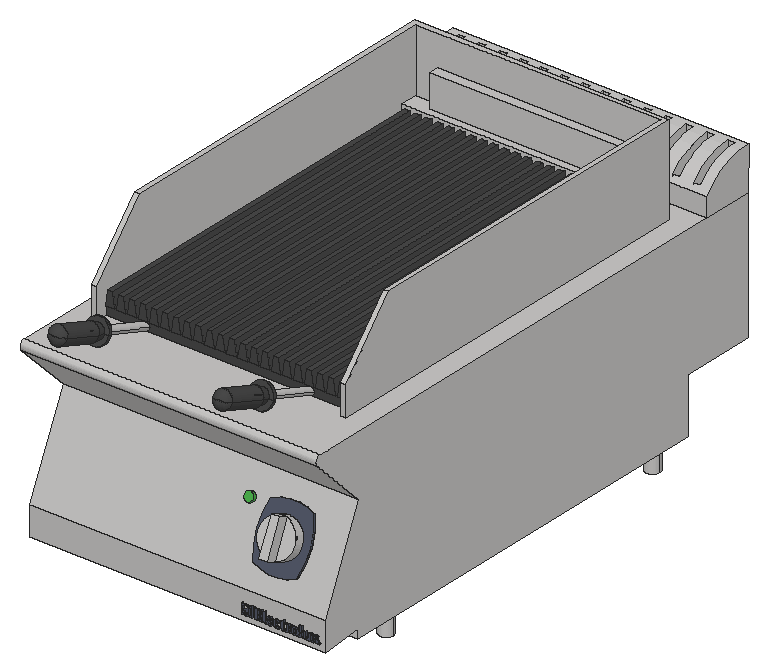
Revit family "QF_ELECTROLUXPROFESSIONAL_371239_E7GREDGS0U", category Specialty Equipment, Revit 2018 (continued)
Automatic sketch dimensions
  Revolve 31 sketch curve to Revolve 31 sketch curve = 12.797 mm
  Revolve 31 sketch curve to Revolve 31 sketch curve = 52.552 mm
  Revolve 31 sketch curve to Revolve 31 sketch curve = 3.87 mm
  Revolve 31 sketch curve to Revolve 31 sketch curve = 6.038 mm
  Extrusion 32 sketch curve to plane 4 "RIGHT" = 88.812 mm
  Revolve 33 sketch curve to plane 4 "RIGHT" = 88.812 mm
  Revolve 33 sketch curve to Revolve 33 sketch curve = 0.166 mm
  Revolve 33 sketch curve to Revolve 33 sketch curve = 0.331 mm
  Revolve 33 sketch curve to Revolve 33 sketch curve = 9.79 mm
  Revolve 33 sketch curve to Revolve 33 sketch curve = 2.256 mm
  Revolve 33 sketch curve to Revolve 33 sketch curve = 6.808 mm
  Revolve 33 sketch curve to Revolve 33 sketch curve = 6.038 mm
  Revolve 33 sketch curve to Revolve 33 sketch curve = 2.587 mm
  Revolve 33 sketch curve to Revolve 33 sketch curve = 52.552 mm
  Revolve 33 sketch curve to Revolve 33 sketch curve = 12.797 mm
  Revolve 33 sketch curve to Revolve 33 sketch curve = 3.194 mm
  Revolve 33 sketch curve to Revolve 33 sketch curve = 0 mm
  curve 14 to plane 4 "RIGHT" = 0 mm
  plane 1 "BACK" to curve 6 = 0 mm
  curve 6 to plane 3 "LEFT" = 0 mm
  curve 73 to plane 4 "RIGHT" = 13.453 mm
  curve 72 to curve 72 = 9.296 mm
  curve 17 to plane 4 "RIGHT" = 28.675 mm
  curve 16 to curve 11 = 6.35 mm
  curve 11 to curve 102 = 1.554 mm
  curve 71 to curve 68 = 18.693 mm
  curve 66 to curve 66 = 9.296 mm
  curve 67 to curve 65 = 18.693 mm
  curve 97 to curve 95 = 4.552 mm
  curve 89 to plane 5 "FRONT" = 5.947 mm
  curve 89 to curve 91 = 1.359 mm
  curve 62 to curve 62 = 9.296 mm
  curve 91 to curve 99 = 0.897 mm
  curve 11 to curve 88 = 48.802 mm
  plane 5 "FRONT" to curve 97 = 4.113 mm
  curve 96 to curve 94 = 12.28 mm
  curve 97 to curve 95 = 0.067 mm
  curve 99 to plane 5 "FRONT" = 4.078 mm
  curve 97 to curve 99 = 0.067 mm
  curve 88 to curve 91 = 5.052 mm
  curve 88 to curve 98 = 10.104 mm
  plane 1 "BACK" to curve 58 = 6.761 mm
  curve 62 to curve 58 = 18.693 mm
  curve 98 to curve 92 = 4.971 mm
  curve 99 to curve 91 = 0.897 mm
  curve 92 to plane 5 "FRONT" = 5.947 mm
  curve 91 to curve 92 = 1.359 mm
  curve 99 to curve 97 = 6.547 mm
  curve 97 to curve 91 = 0.062 mm
  curve 60 to curve 59 = 9.296 mm
  curve 59 to curve 57 = 18.693 mm
  curve 54 to curve 55 = 9.296 mm
  curve 55 to curve 53 = 18.693 mm
  curve 52 to curve 52 = 9.296 mm
  plane 1 "BACK" to curve 46 = 6.761 mm
  plane 7 "Center Y" to curve 46 = 18.642 mm
  curve 46 to curve 47 = 9.296 mm
  curve 45 to plane 7 "Center Y" = 9.346 mm
  curve 44 to curve 43 = 9.296 mm
  curve 42 to curve 41 = 18.693 mm
  curve 40 to curve 39 = 9.296 mm
  plane 1 "BACK" to curve 37 = 6.761 mm
  curve 38 to curve 37 = 18.693 mm
  curve 36 to curve 35 = 9.296 mm
  curve 34 to curve 33 = 18.693 mm
  curve 78 to plane 7 "Center Y" = 94.514 mm
  curve 78 to curve 84 = 0.062 mm
  curve 84 to curve 80 = 4.29 mm
  curve 107 to plane 5 "FRONT" = 0 mm
  curve 79 to plane 5 "FRONT" = 5.947 mm
  curve 80 to curve 78 = 1.359 mm
  curve 78 to curve 79 = 0.897 mm
  curve 30 to curve 31 = 9.296 mm
  curve 79 to curve 85 = 4.971 mm
  curve 86 to plane 5 "FRONT" = 4.078 mm
  curve 82 to curve 86 = 0 mm
  curve 85 to curve 78 = 5.052 mm
  curve 86 to curve 84 = 0.067 mm
  curve 85 to curve 75 = 10.104 mm
  curve 75 to curve 86 = 4.971 mm
  plane 1 "BACK" to curve 29 = 6.761 mm
  curve 30 to curve 29 = 18.693 mm
  curve 76 to curve 78 = 0.897 mm
  curve 76 to plane 5 "FRONT" = 5.947 mm
  curve 87 to plane 5 "FRONT" = 0 mm
  curve 76 to curve 84 = 6.808 mm
  curve 28 to curve 27 = 9.296 mm
  curve 27 to curve 25 = 18.693 mm
  curve 24 to curve 23 = 9.296 mm
  curve 100 to curve 12 = 1.421 mm
  plane 3 "LEFT" to curve 9 = 35.025 mm
  curve 9 to curve 16 = 6.35 mm
  curve 22 to curve 21 = 18.693 mm
  curve 20 to curve 20 = 9.296 mm
  plane 1 "BACK" to curve 70 = 6.761 mm
  plane 1 "BACK" to curve 69 = 6.761 mm
  plane 1 "BACK" to curve 63 = 6.761 mm
  plane 1 "BACK" to curve 57 = 6.761 mm
  plane 1 "BACK" to curve 53 = 6.761 mm
  plane 1 "BACK" to curve 18 = 6.761 mm
  plane 1 "BACK" to curve 22 = 6.761 mm
  plane 1 "BACK" to curve 43 = 6.761 mm
  plane 1 "BACK" to curve 39 = 6.761 mm
  plane 1 "BACK" to curve 30 = 6.761 mm
  curve 34 to curve 35 = 57.15 mm
  curve 33 to curve 35 = 0 mm
  curve 36 to curve 39 = 0 mm
  curve 29 to curve 31 = 0 mm
  curve 40 to curve 43 = 0 mm
  curve 25 to curve 27 = 0 mm
  curve 44 to curve 47 = 0 mm
  curve 21 to curve 23 = 0 mm
  curve 48 to curve 51 = 0 mm
  curve 70 to curve 71 = 57.15 mm
  curve 69 to curve 71 = 0 mm
  curve 52 to curve 55 = 0 mm
  curve 65 to curve 67 = 0 mm
  curve 56 to curve 59 = 0 mm
  curve 19 to curve 13 = 5.939 mm
  curve 71 to curve 16 = 34.624 mm
  curve 15 to curve 12 = 6.35 mm
  curve 9 to curve 100 = 2.91 mm
  curve 103 to plane 12 = 17.353 mm
  plane 11 to curve 88 = 34.08 mm
  plane 11 to curve 85 = 34.08 mm
  curve 75 to curve 85 = 0 mm
  curve 98 to curve 88 = 0 mm
  plane 11 to curve 9 = 47 mm
  plane 11 to curve 11 = 47 mm
  curve 88 to curve 89 = 8.027 mm
  curve 98 to curve 92 = 8.027 mm
  curve 75 to curve 78 = 7.302 mm
  curve 85 to curve 78 = 7.302 mm
  curve 98 to curve 91 = 7.302 mm
  curve 78 to curve 84 = 0.63 mm
  curve 84 to curve 76 = 0 mm
  curve 89 to curve 91 = 4.782 mm
  curve 79 to curve 78 = 4.782 mm
  curve 84 to curve 82 = 8.477 mm
  curve 97 to curve 95 = 8.477 mm
  curve 82 to curve 81 = 29.232 mm
  curve 95 to curve 94 = 29.232 mm
  curve 94 to curve 94 = 5.25 mm
  curve 81 to curve 77 = 5.25 mm
  curve 81 to curve 83 = 5.25 mm
  curve 90 to curve 96 = 14.086 mm
  curve 81 to curve 83 = 14.086 mm
  Extrusion 34 sketch curve to Extrusion 29 = 0 mm
  Extrusion 34 sketch curve to Extrusion 29 = 9.562 mm
  Extrusion 34 sketch curve to Extrusion 29 = 29.948 mm
  Extrusion 34 sketch curve to Extrusion 29 = 29.815 mm
  plane 5 "FRONT" to curve 2 = 1.377 mm
  plane 4 "RIGHT" to curve 2 = 150.019 mm
  curve 105 to plane 12 = 26.914 mm
  curve 105 to plane 4 "RIGHT" = 66.394 mm
  plane 3 "LEFT" to curve 104 = 66.394 mm
  curve 104 to curve 104 = 12.928 mm
  curve 106 to curve 105 = 12.928 mm
  curve 1 to plane 3 "LEFT" = 150.019 mm
  curve 1 to plane 1 "BACK" = 150.019 mm
  Extrusion 1 sketch curve to plane 10 "TOP A" = 0 mm
  Extrusion 1 sketch curve to plane 9 "BASE" = 0 mm
  Extrusion 1 sketch curve to plane 1 "BACK" = 0 mm
  Extrusion 1 sketch curve to plane 12 = 46.038 mm
  plane 11 to Extrusion 1 sketch curve = 59.531 mm
  plane 9 "BASE" to Extrusion 1 sketch curve = 12.7 mm
  plane 11 to Extrusion 1 sketch curve = 62.516 mm
  Extrusion 1 sketch curve to plane 5 "FRONT" = 16.478 mm
  Extrusion 1 sketch curve to plane 5 "FRONT" = 7.488 mm
  Extrusion 1 sketch curve to plane 5 "FRONT" = 2.262 mm
  plane 9 "BASE" to Extrusion 1 sketch curve = 7.09 mm
  Extrusion 1 sketch curve to Extrusion 1 sketch curve = 38.1 mm
  plane 9 "BASE" to Extrusion 1 sketch curve = 74.612 mm
  Extrusion 1 sketch curve to plane 10 "TOP A" = 83.191 mm
  Extrusion 1 sketch curve to plane 10 "TOP A" = 12.619 mm
  plane 5 "FRONT" to curve 14 = 0 mm
  radius of Extrusion 2 sketch curve = 9.525 mm  (x4)
  radius of Extrusion 4 sketch curve = 8.467 mm
  radius of Extrusion 25 sketch curve = 25.4 mm
  radius of Extrusion 26 sketch curve to Extrusion 25 = 0 mm  (x2)
  radius of Extrusion 27 sketch curve = 6.35 mm
  radius of Extrusion 30 sketch curve = 5 mm
  radius of Extrusion 32 sketch curve = 5 mm
Nested families
  nested 1: "371062_QF_Electrolux_GRILL" at (36.446, -130.285, 287.338), type "371062_QF_Electrolux_GRILL"
    with Type Mark "", Specification by User "", Revision Code "", Item Number "", Installed By "", Identify Quantity as Lot yes, Furnished By "", Foodservice Equipment Identifier yes
  nested 2: "371062_QF_Electrolux_GRILL" at (350.904, -130.285, 287.338), type "371062_QF_Electrolux_GRILL"
    with Type Mark "", Specification by User "", Revision Code "", Item Number "", Installed By "", Identify Quantity as Lot yes, Furnished By "", Foodservice Equipment Identifier yes
  nested 3: "371062_QF_Electrolux_GRILL" at (51.42, -130.285, 287.338), type "371062_QF_Electrolux_GRILL"
    with Type Mark "", Specification by User "", Revision Code "", Item Number "", Installed By "", Identify Quantity as Lot yes, Furnished By "", Foodservice Equipment Identifier yes
  nested 4: "371062_QF_Electrolux_GRILL" at (66.394, -130.285, 287.338), type "371062_QF_Electrolux_GRILL"
    with Type Mark "", Specification by User "", Revision Code "", Item Number "", Installed By "", Identify Quantity as Lot yes, Furnished By "", Foodservice Equipment Identifier yes
  nested 5: "371062_QF_Electrolux_GRILL" at (81.368, -130.285, 287.338), type "371062_QF_Electrolux_GRILL"
    with Type Mark "", Specification by User "", Revision Code "", Item Number "", Installed By "", Identify Quantity as Lot yes, Furnished By "", Foodservice Equipment Identifier yes
  nested 6: "371062_QF_Electrolux_GRILL" at (96.342, -130.285, 287.338), type "371062_QF_Electrolux_GRILL"
    with Type Mark "", Specification by User "", Revision Code "", Item Number "", Installed By "", Identify Quantity as Lot yes, Furnished By "", Foodservice Equipment Identifier yes
  nested 7: "371062_QF_Electrolux_GRILL" at (111.317, -130.285, 287.338), type "371062_QF_Electrolux_GRILL"
    with Type Mark "", Specification by User "", Revision Code "", Item Number "", Installed By "", Identify Quantity as Lot yes, Furnished By "", Foodservice Equipment Identifier yes
  nested 8: "371062_QF_Electrolux_GRILL" at (126.291, -130.285, 287.338), type "371062_QF_Electrolux_GRILL"
    with Type Mark "", Specification by User "", Revision Code "", Item Number "", Installed By "", Identify Quantity as Lot yes, Furnished By "", Foodservice Equipment Identifier yes
  nested 9: "371062_QF_Electrolux_GRILL" at (141.265, -130.285, 287.338), type "371062_QF_Electrolux_GRILL"
    with Type Mark "", Specification by User "", Revision Code "", Item Number "", Installed By "", Identify Quantity as Lot yes, Furnished By "", Foodservice Equipment Identifier yes
  nested 10: "371062_QF_Electrolux_GRILL" at (156.239, -130.285, 287.338), type "371062_QF_Electrolux_GRILL"
    with Type Mark "", Specification by User "", Revision Code "", Item Number "", Installed By "", Identify Quantity as Lot yes, Furnished By "", Foodservice Equipment Identifier yes
  nested 11: "371062_QF_Electrolux_GRILL" at (171.214, -130.285, 287.338), type "371062_QF_Electrolux_GRILL"
    with Type Mark "", Specification by User "", Revision Code "", Item Number "", Installed By "", Identify Quantity as Lot yes, Furnished By "", Foodservice Equipment Identifier yes
  nested 12: "371062_QF_Electrolux_GRILL" at (186.188, -130.285, 287.338), type "371062_QF_Electrolux_GRILL"
    with Type Mark "", Specification by User "", Revision Code "", Item Number "", Installed By "", Identify Quantity as Lot yes, Furnished By "", Foodservice Equipment Identifier yes
  nested 13: "371062_QF_Electrolux_GRILL" at (201.162, -130.285, 287.338), type "371062_QF_Electrolux_GRILL"
    with Type Mark "", Specification by User "", Revision Code "", Item Number "", Installed By "", Identify Quantity as Lot yes, Furnished By "", Foodservice Equipment Identifier yes
  nested 14: "371062_QF_Electrolux_GRILL" at (216.136, -130.285, 287.338), type "371062_QF_Electrolux_GRILL"
    with Type Mark "", Specification by User "", Revision Code "", Item Number "", Installed By "", Identify Quantity as Lot yes, Furnished By "", Foodservice Equipment Identifier yes
  nested 15: "371062_QF_Electrolux_GRILL" at (231.111, -130.285, 287.338), type "371062_QF_Electrolux_GRILL"
    with Type Mark "", Specification by User "", Revision Code "", Item Number "", Installed By "", Identify Quantity as Lot yes, Furnished By "", Foodservice Equipment Identifier yes
  nested 16: "371062_QF_Electrolux_GRILL" at (246.085, -130.285, 287.338), type "371062_QF_Electrolux_GRILL"
    with Type Mark "", Specification by User "", Revision Code "", Item Number "", Installed By "", Identify Quantity as Lot yes, Furnished By "", Foodservice Equipment Identifier yes
  nested 17: "371062_QF_Electrolux_GRILL" at (261.059, -130.285, 287.338), type "371062_QF_Electrolux_GRILL"
    with Type Mark "", Specification by User "", Revision Code "", Item Number "", Installed By "", Identify Quantity as Lot yes, Furnished By "", Foodservice Equipment Identifier yes
  nested 18: "371062_QF_Electrolux_GRILL" at (276.033, -130.285, 287.338), type "371062_QF_Electrolux_GRILL"
    with Type Mark "", Specification by User "", Revision Code "", Item Number "", Installed By "", Identify Quantity as Lot yes, Furnished By "", Foodservice Equipment Identifier yes
  nested 19: "371062_QF_Electrolux_GRILL" at (291.008, -130.285, 287.338), type "371062_QF_Electrolux_GRILL"
    with Type Mark "", Specification by User "", Revision Code "", Item Number "", Installed By "", Identify Quantity as Lot yes, Furnished By "", Foodservice Equipment Identifier yes
  nested 20: "371062_QF_Electrolux_GRILL" at (305.982, -130.285, 287.338), type "371062_QF_Electrolux_GRILL"
    with Type Mark "", Specification by User "", Revision Code "", Item Number "", Installed By "", Identify Quantity as Lot yes, Furnished By "", Foodservice Equipment Identifier yes
  nested 21: "371062_QF_Electrolux_GRILL" at (320.956, -130.285, 287.338), type "371062_QF_Electrolux_GRILL"
    with Type Mark "", Specification by User "", Revision Code "", Item Number "", Installed By "", Identify Quantity as Lot yes, Furnished By "", Foodservice Equipment Identifier yes
  nested 22: "371062_QF_Electrolux_GRILL" at (335.93, -130.285, 287.338), type "371062_QF_Electrolux_GRILL"
    with Type Mark "", Specification by User "", Revision Code "", Item Number "", Installed By "", Identify Quantity as Lot yes, Furnished By "", Foodservice Equipment Identifier yes
Connectors
  electrical at (347.663, -98.425, 57.718), driven by "Volts", driven by "Watts"
    settings: on Extrusion 4, index 1, voltage 400 V, apparent load 6000 VA, apparent load phase1 0 VA, apparent load phase2 0 VA, apparent load phase3 0 VA, power factor 1, load classification "Other", number of poles 1, system type 30, power factor state 1, is connector primary yes, connector utility no, sub classification motor no, connector description "Electrical Connection"
Definition of nested family "371062_QF_Electrolux_GRILL"
  Parameters
    Weight in Pounds = 0
    URL Cutsheet = ""
    URL = ""
    Type Mark [instance] = ""
    Specification by User [instance] = ""
    Specification by Manufacturer = ""
    Serial Number = ""
    Seismic Rating = ""
    SMACNA No = ""
    Revision Code [instance] = ""
    Omniclass Number and Title = ""
    NAFEM Spec ID Number = ""
    Model = ""
    Masterspec = ""
    Manufacturer = ""
    Item Number [instance] = ""
    Installed By [instance] = ""
    Identify Quantity as Lot [instance] = yes
    Furnished By [instance] = ""
    Foodservice Equipment Identifier [instance] = yes
    Description = ""
    CSI MasterFormat = ""
    CSI Master Format = ""
    Assembly Code = ""
  Reference planes
    plane 1 "BACK": y = 0
    plane 2: z = 0
    plane 3 "LEFT": x = 0
    plane 4 "RIGHT": x = 12.7
    plane 5 "FRONT": y = -501.68
    plane 6 "TOP": z = 19.576
    plane 7 "Center Y": x = 6.35
    plane 8 "Center X": y = -250.84
    plane 9: y = -147.637
  Forms (mm)
    Extrusion 1, solid
      sketch origin (-1.421, -501.68, -12.7) x (1, 0, 0) y (0, 0, 1)
        loop
          line (1.421, 12.7) -> (14.121, 12.7) -> (11.081, 32.276) -> (4.46, 32.276) -> (1.421, 12.7)
      from 0 to -501.68
  Dimensions and locks
    equal spacing: plane 3 "LEFT", plane 7 "Center Y", plane 4 "RIGHT"
    plane 3 "LEFT" to plane 4 "RIGHT" = 12.7 mm
    equal spacing: plane 5 "FRONT", plane 8 "Center X", plane 1 "BACK"
    plane 5 "FRONT" to plane 1 "BACK" = 501.68 mm
    plane 6 "TOP" to level = 19.576 mm
    plane 1 "BACK" to plane 5 "FRONT" = 501.68 mm
    aligned and locked: level to plane 2
  Automatic sketch dimensions
    Extrusion 1 sketch curve to level = 0 mm
    Extrusion 1 sketch curve to plane 3 "LEFT" = 0 mm
    Extrusion 1 sketch curve to plane 6 "TOP" = 0 mm
    Extrusion 1 sketch curve to plane 4 "RIGHT" = 0 mm
    plane 3 "LEFT" to Extrusion 1 sketch curve = 3.039 mm
    Extrusion 1 sketch curve to plane 4 "RIGHT" = 3.039 mm
